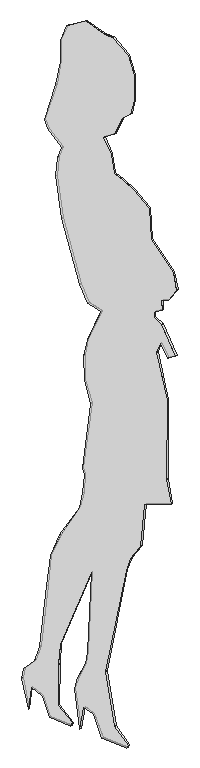
Revit family "Flat Lady 01", category Entourage, Revit 2015
Parameters
  Height = 0 mm
  Flat Material [instance] = none
Reference planes
  plane 1 "Center (Front/Back)": y = 0
  plane 2: z = 0
  plane 3 "Center (Left/Right)": x = 0
  plane 4: z = 1600
Forms (mm)
  Extrusion 1, solid, material <- "Flat Material"
    sketch origin (0, 0, 0) x (1, 0, 0) y (0, 0, 1)
      loop
        line (-139.875, 1287.964) -> (-124.325, 1192.069) -> (-75.933, 1053.886) -> (-55.421, 1016.029) -> (-21.627, 1007.83) -> (-56.787, 929.071) -> (-65.466, 889.47) -> (-64.084, 831.405) -> (-47.636, 781.326) -> (-69.439, 619.602) -> (-64.456, 608.039) -> (-69.273, 562.38) -> (-77.805, 524.861) -> (-128.769, 442.12) -> (-154.685, 383.851) -> (-163.649, 309.193) -> (-182.059, 159.407) -> (-195.353, 121.943) -> (-224.734, 93.238) -> (-229.313, 68.053) -> (-213.17, 0) -> (-204.223, 55.38) -> (-175.323, 42.662) -> (-157.043, 0) -> (-100.007, 0) -> (-96.674, 8.414) -> (-133.474, 37.89) -> (-132.36, 133.591) -> (-127.969, 183.54) -> (-46.128, 382.587) -> (-56.926, 191.284) -> (-61.55, 162.29) -> (-82.511, 120.63) -> (-91.419, 91.686) -> (-76.061, 0) -> (-65.992, 54.837) -> (-41.476, 48.712) -> (-17.835, 0) -> (48.013, 0) -> (51.549, 8.253) -> (16.556, 40.429) -> (-7.271, 161.659) -> (45.726, 419.137) -> (58.493, 452.322) -> (84.166, 489.642) -> (95.193, 592.035) -> (164.704, 617.752) -> (152.957, 672.174) -> (155.141, 859.768) -> (127.305, 963.902) -> (136.77, 989.712) -> (156.304, 959.755) -> (177.398, 971.89) -> (140.51, 1034.7) -> (119.66, 1043.514) -> (119.804, 1055.894) -> (140.898, 1068.029) -> (139.426, 1091.961) -> (157.901, 1096.879) -> (179.238, 1129.964) -> (171.106, 1167.677) -> (112.725, 1225.845) -> (107.657, 1298.197) -> (64.871, 1327.486) -> (35.495, 1340.208) -> (15.116, 1348.541) -> (7.033, 1390.54) -> (-13.528, 1424.112) -> (16.185, 1440.433) -> (37.191, 1485.903) -> (58.334, 1502.324) -> (67.342, 1539.838) -> (68.019, 1597.925) -> (51.842, 1640.018) -> (10.281, 1669.55) -> (-14.478, 1669.838) -> (-60.518, 1682.755) -> (-110.849, 1654.293) -> (-127.996, 1613.064) -> (-128.578, 1563.071) -> (-140.583, 1503.568) -> (-170.035, 1411.679) -> (-160.473, 1391.923) -> (-123.557, 1360.8) -> (-135.058, 1333.622) -> (-139.875, 1287.964)
    from -2.5 to 2.5
Lines and regions (mm)
  model lines
    curve 1: line (0, 150, 0) -> (0, -150, 0)
    curve 2: line (-150, 0, 0) -> (150, 0, 0)
Dimensions and locks
  aligned and locked: level to plane 2
